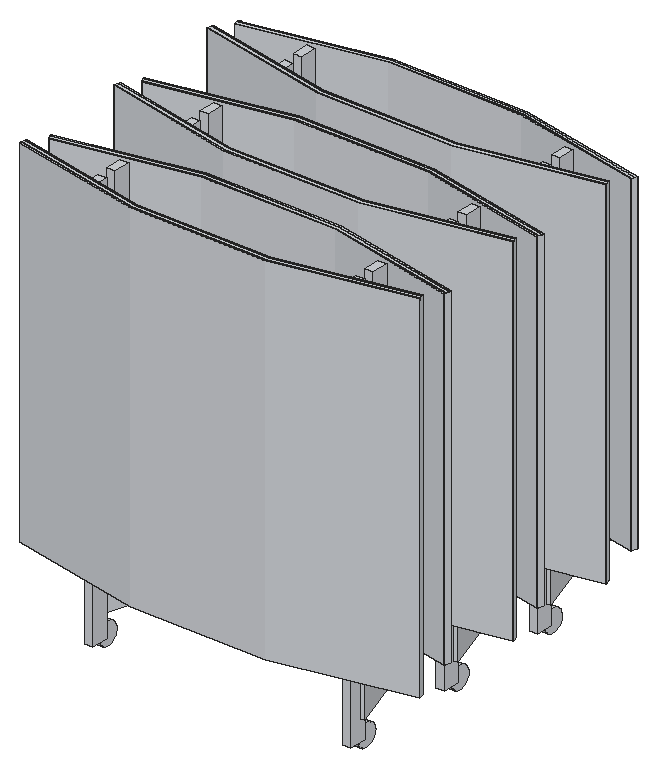
Revit family "Acoustic-Shell_Wenger_Legacy-Select-Stored", category Generic Models, Revit 2015
Parameters
  Warranty Duration (Years) = 0
  Unit Width = 6' - 0"
  Unit Height = 6' - 6"
  Unit Depth = 2' - 9"
  URL = "https://www.wengercorp.com/"
  Specification = "http://www.arcat.com/sdspecs/htm04/11_60_01wen.htm"
  SpecWizard = "http://www.arcat.com/specwizard/11061wen/index04.htm"
  Sales Information = "https://www.wengercorp.com/contact-us.php"
  Revision = "R1_2017-12"
  Product Properties = ""
  Product Data = "http://www.arcat.com/arcatcos/cos36/arc36487.html"
  Panel Material [instance] = none
  Number of Towers [instance] = 3
  Model = "As Specified"
  Manufacturer Website = "https://www.wengercorp.com/"
  Manufacturer Phone - Toll Free = ""
  Manufacturer Phone = ""
  Manufacturer Fax = ""
  Manufacturer Address = ""
  Manufacturer = "Wenger Corporation"
  Maintenance Schedule (Months) = 0
  Keynote = "11 60 01"
  Installation-Fabrication = ""
  Installation Phase = ""
  Green Building-LEED = "http://www.arcat.com/green/clients/leed_data_36487.html"
  Frame Finish [instance] = none
  Expected Lifespan (Years) = 0
  Drawn By = "Sumex Design, Inc. / Robert S. Weygant, CSI, CDT, SCIP"
  Description = "Wenger Acoustic Product as Specified"
  Default Elevation = 0' - 0"
  Copyright = "©Arcat Inc."
  Construction Details = "http://www.arcat.com/details/wengerco/wengerco.html?coid=36487"
  Assembly Code = "E1020300"
Reference planes (in)
  plane 1 "Center (Front/Back)": y = 0
  plane 2 "Bottom": z = 0
  plane 3 "Center (Left/Right)": x = 0
Dimensions and locks (in)
  equal spacing: group 1, group 2, group 3  (x2)
  equal spacing: group 3, group 2, group 1
Nested families (in)
  nested 1: "LegacySelectStored" at (0, 0, 0), frame <- "Frame Finish", panel <- "Panel Material", type "LegacySelectStored"
    with panel none, frame none
  nested 2: "LegacySelectStored" at (0, -21, 0), frame <- "Frame Finish", panel <- "Panel Material", type "LegacySelectStored"
    with panel none, frame none
  nested 3: "LegacySelectStored" at (0, -42, 0), frame <- "Frame Finish", panel <- "Panel Material", type "LegacySelectStored"
    with panel none, frame none
Definition of nested family "LegacySelectStored"
  Parameters (values of type "LegacySelectStored")
    panel [instance] = none
    frame [instance] = none
  Reference planes (in)
    plane 1 "Center (Front/Back)": y = 0
    plane 2: z = 0
    plane 3 "Center (Left/Right)": x = 0
  Forms (in)
    Extrusion 1, solid, material <- "frame"
      sketch origin (0.0334, 18.15561, -0.00267) x (-1, 0, 0) y (0, -1, 0)
        loop
          line (-19.27313, -4.13872) -> (-15.25063, -14.74198) -> (15.25063, -14.74198) -> (19.27313, -4.13872) -> (-19.27313, -4.13872)
      from 1.9995 to 13.97206
    Extrusion 2, solid, material <- "frame"
      sketch origin (-5.37045, 13.76164, -0.00267) x (-0.317305, -0.948324, 0) y (0, 0, 1)
        loop
          line (-14.39344, 5.77883) -> (-14.39344, 4.58635) -> (-3.64344, 4.58635) -> (0.86315, 5.38098) -> (12.36315, 5.38098) -> (12.36315, 15.38098) -> (11.08943, 15.38098) -> (-14.39344, 5.77883)
      from 14.82303 to 16.19193
    Extrusion 3, solid, material <- "frame"
      sketch origin (5.43724, 13.76164, -0.00267) x (0.317305, -0.948324, 0) y (0, 0, -1)
        loop
          line (-14.39344, -5.77883) -> (11.08943, -15.38098) -> (12.36315, -15.38098) -> (12.36315, -5.38098) -> (0.86315, -5.38098) -> (-3.64344, -4.58635) -> (-14.39344, -4.58635) -> (-14.39344, -5.77883)
      from 14.82303 to 16.19193
    Extrusion 4, solid, material <- "frame"
      sketch origin (0.0334, 18.15561, 0.02858) x (0, -1, 0) y (0, 0, 1)
        loop
          circle (-12.75618, 1.48312) r 1.5
      from 13.77164 to 14.96901
    Extrusion 5, solid, material <- "frame"
      sketch origin (0.0334, 18.15561, -0.00267) x (0, -1, 0) y (0, 0, 1)
        loop
          circle (9.54194, 2.00267) r 2
      from 22.6584 to 23.9084
    Extrusion 6, solid, material <- "frame"
      sketch origin (0.0334, 18.15561, -0.00267) x (0, -1, 0) y (0, 0, -1)
        loop
          circle (9.54194, -2.00267) r 2
      from 22.6584 to 23.9084
    Extrusion 7, solid, material <- "frame"
      sketch origin (0.0334, 18.15561, 0.02858) x (0, -1, 0) y (0, 0, -1)
        loop
          circle (-12.75618, -1.48312) r 1.5
      from 13.77164 to 14.96901
    Extrusion 8, solid, material <- "frame"
      sketch origin (0.0334, 18.15561, -0.00267) x (-1, 0, 0) y (0, -1, 0)
        loop
          line (-23.9666, 13.09831) -> (-23.9666, 10.09831) -> (-22.4666, 10.09831) -> (-22.4666, 13.09831) -> (-23.9666, 13.09831)
        loop
          line (23.9666, 13.09831) -> (22.4666, 13.09831) -> (22.4666, 10.09831) -> (23.9666, 10.09831) -> (23.9666, 13.09831)
      from 1.4645 to 75.80448
    Extrusion 9, solid, material <- "frame"
      sketch origin (0.0334, -0.0738, -61.95533) x (0, 1, 0) y (-1, 0, 0)
        loop
          line (13.09831, -23.9666) -> (13.09831, -22.4666) -> (10.09831, -22.4666) -> (10.09831, -23.9666) -> (13.09831, -23.9666)
        loop
          line (13.09831, 23.9666) -> (10.09831, 23.9666) -> (10.09831, 22.4666) -> (13.09831, 22.4666) -> (13.09831, 23.9666)
      from 78.06327 to 137.9908
    Extrusion 10, solid, material <- "panel"
      sketch origin (0.0334, 18.15561, -0.00267) x (-1, 0, 0) y (0, -1, 0)
        loop
          line (-35.92056, 12.64279) -> (-35.84565, 12.40427)
          arc (-35.84565, 12.40427) -> (0.0334, 17.90561) -> (35.91245, 12.40427) r 119.75
          line (35.91245, 12.40427) -> (35.98735, 12.64279)
          arc (35.98735, 12.64279) -> (0.0334, 18.15561) -> (-35.92056, 12.64279) r 120
      from 13.52947 to 77.8945
    Extrusion 11, solid, material <- "frame"
      sketch origin (0.0334, 18.15561, -0.00267) x (-1, 0, 0) y (0, -1, 0)
        loop
          arc (35.70646, 11.74836) -> (0.0334, 17.21811) -> (-35.63967, 11.74836) r 119.0625
          line (-35.63967, 11.74836) -> (-35.56476, 11.50984)
          arc (-35.56476, 11.50984) -> (0.0334, 16.96811) -> (35.63156, 11.50984) r 118.8125
          line (35.63156, 11.50984) -> (35.70646, 11.74836)
      from 13.52947 to 77.8945
    Extrusion 12, solid, material <- "frame"
      sketch origin (0.0334, 18.15561, -0.00267) x (-1, 0, 0) y (0, -1, 0)
        loop
          line (35.96699, 12.5778) -> (35.91249, 12.40426)
          arc (35.91249, 12.40426) -> (0.03342, 17.90561) -> (-35.84565, 12.40428) r 119.75
          line (-35.84565, 12.40428) -> (-35.90048, 12.5789) -> (-35.95921, 12.55752) -> (-35.65677, 11.60547) -> (-35.60031, 11.6232) -> (-35.63962, 11.74837)
          arc (-35.63962, 11.74837) -> (0.03342, 17.21811) -> (35.70646, 11.74836) r 119.0625
          line (35.70646, 11.74836) -> (35.66649, 11.62108) -> (35.72301, 11.60334) -> (36.02577, 12.5564) -> (35.96699, 12.5778)
      from 13.52947 to 77.8945
    Extrusion 13, solid, material <- "panel"
      sketch origin (0.0334, -0.0738, -61.95533) x (0, 1, 0) y (-1, 0, 0)
        loop
          arc (12.64279, -35.92056) -> (18.15561, 0.0334) -> (12.64279, 35.98735) r 120
          line (12.64279, 35.98735) -> (12.40427, 35.91245)
          arc (12.40427, 35.91245) -> (17.90561, 0.0334) -> (12.40427, -35.84565) r 119.75
          line (12.40427, -35.84565) -> (12.64279, -35.92056)
      from 78.06327 to 137.9908
    Extrusion 14, solid, material <- "frame"
      sketch origin (0.0334, -0.0738, -61.95533) x (0, 1, 0) y (-1, 0, 0)
        loop
          line (11.74836, 35.70646) -> (11.50984, 35.63156)
          arc (11.50984, 35.63156) -> (16.96811, 0.0334) -> (11.50984, -35.56476) r 118.8125
          line (11.50984, -35.56476) -> (11.74836, -35.63967)
          arc (11.74836, -35.63967) -> (17.21811, 0.0334) -> (11.74836, 35.70646) r 119.0625
      from 78.06327 to 137.9908
    Extrusion 15, solid, material <- "frame"
      sketch origin (0.0334, -0.0738, -61.95533) x (0, 1, 0) y (-1, 0, 0)
        loop
          line (12.5778, 35.96699) -> (12.5564, 36.02577) -> (11.60334, 35.72301) -> (11.62108, 35.66649) -> (11.74836, 35.70646)
          arc (11.74836, 35.70646) -> (17.21811, 0.03342) -> (11.74837, -35.63962) r 119.0625
          line (11.74837, -35.63962) -> (11.6232, -35.60031) -> (11.60547, -35.65677) -> (12.55752, -35.95921) -> (12.5789, -35.90048) -> (12.40428, -35.84565)
          arc (12.40428, -35.84565) -> (17.90561, 0.03342) -> (12.40426, 35.91249) r 119.75
          line (12.40426, 35.91249) -> (12.5778, 35.96699)
      from 78.06327 to 137.9908
  Dimensions and locks (in)
    aligned and locked: plane 2 to level
